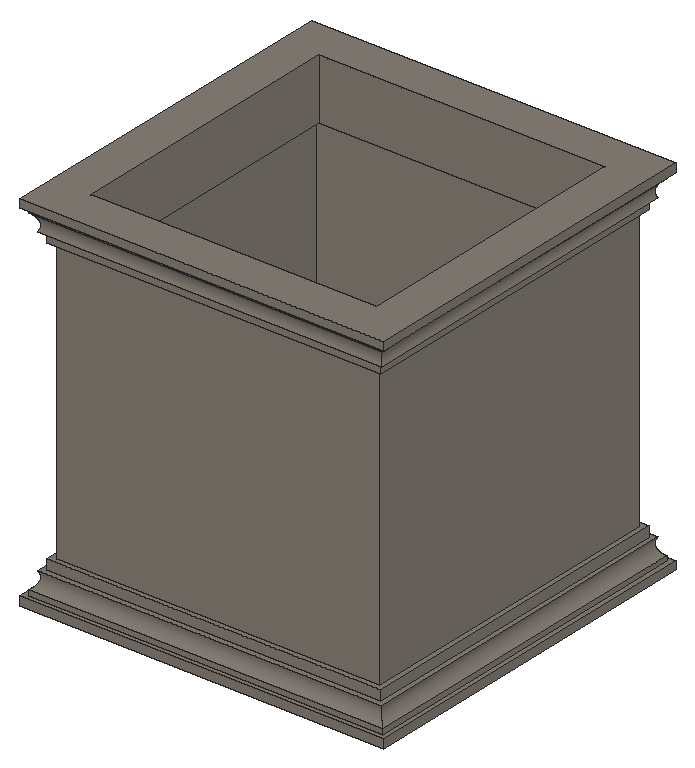
Revit family "Specialty_Equipment-Fiberglass_Planter-Planters_Unlimited-Laguna Rectangular square-rev", category Specialty Equipment, Revit 2023
Family settings
  Round Connector Dimension = Use Diameter
  Part Type = Normal
  OmniClass Number = 23.40.05.21.17
  OmniClass Title = Planters
  Work Plane-Based = No
  Enable Cutting in Views = No
  Always vertical = Yes
  Cut with Voids When Loaded = No
  Maintain Annotation Orientation = No
  Shared = No
  Room Calculation Point = No
Parameters (values of type "18"L x 18"W x 18"H")
  URL = "https://www.plantersunlimited.com"
  Type Comments = if(CD_Length = CD_Width, "Square Planter", "Rectangular Planter")  # "Square Planter"
  Model = "Laguna Series Planters"  # constant formula
  Manufacturer = "Planters Unlimited"  # constant formula
  Description = if(CD_Length = CD_Width, "Laguna Square Planter", "Laguna Rectangular Planter")  # "Laguna Square Planter"
  Default Elevation = 0.0"
  CD_Width = 18.0"
  CD_Specification = "https://www.plantersunlimited.com/content/Planters/C19-LYN-REC.pdf"
  CD_Radius Baseplate = 5.95"
  CD_Product Page URL = "https://www.plantersunlimited.com/lynx-rectangular-planters48/"
  CD_Product Name [instance] = "Laguna Planter"  # constant formula
  CD_Planter Lip = 0.925"
  CD_Pad Spacing = 4.95"
  CD_Pad Size = 3.0"  # constant formula
  CD_Microsite = "https://www.caddetails.com/3404"
  CD_Height = 18.0"
  CD_Length = 18.0"
  CD_Finish = Plastic-Fiberglass-Carlsbad-Gloss-Black_Fox
  CD_Divider Length = 0.2"  # constant formula
  CD_Divider = CD_Length > 50.0"  # no
  CD_Created By = "CADdetails LTD. 2024"  # constant formula
  Assembly Code = "G2050600"
Reference planes (in)
  plane 1 "Center (Front/Back)": y = 0
  plane 2 "Bottom of the planter": z = 0
  plane 3 "Center (Left/Right)": x = 0
  plane 4 "Right": x = 9
  plane 5 "Left": x = -9
  plane 6 "Back": y = 9
  plane 7 "Front": y = -9
  plane 8 "Top": z = 18
  plane 9 "Bottom": z = 0
  plane 10 "Design Work Top": z = 16
  plane 11 "Design work Bottom": z = 2
  plane 12 "Bottom of the divider": z = 0.7
  plane 13 "Divider Left": x = -0.1
  plane 14 "Divider Right": x = 0.1
  plane 15: z = 15
  plane 16 "Inner wall": y = 7.25
  plane 17 "Lip width": y = 7.05
  plane 18 "Lip Depth": z = 15
  plane 19 "Divider edge back": y = 7.25
  plane 20 "Divider edge back top": y = 7.05
  plane 21 "Divider edge front": y = -7.25
  plane 22 "Divider edge front top": y = -7.05
  plane 23 "Divider top depth": z = 15
  plane 24 "Base Plate": z = 0.7
  plane 25: z = 9
Forms (in)
  Sweep 1, solid, material "Plastic-Fiberglass-Carlsbad-Gloss-Black_Fox" <- "CD_Finish"
    path origin (0.025, -0.025, 0) x (-1, 0, 0) y (0, -1, 0)
      loop
        line (9, -9) -> (9, 8.95) -> (-8.95, 8.95) -> (-8.95, -9) -> (9, -9)
    profile origin (0, 8.975, 0) x (0, 1, 0) y (0, 0, 1)
      loop
        line (0.025, 18) -> (-1.925, 18) -> (-1.925, 15) -> (-1.825, 15) -> (-1.825, 17.9) -> (-0.075, 17.9) -> (-0.075, 17.68886) -> (-0.325, 17.68886) -> (-0.325, 17.39471)
        arc (-0.325, 17.39471) -> (-0.60079, 17.04495) -> (-0.62103, 16.6) r 0.7275
        line (-0.62103, 16.6) -> (-0.825, 16.6) -> (-0.825, 16.1) -> (-1.075, 16.1) -> (-1.075, 1.9) -> (-0.825, 1.9) -> (-0.825, 1.4) -> (-0.62103, 1.4)
        arc (-0.62103, 1.4) -> (-0.60079, 0.95505) -> (-0.325, 0.60529) r 0.7275
        line (-0.325, 0.60529) -> (-0.325, 0.31114) -> (-0.075, 0.31114) -> (-0.075, 0.1) -> (-1.925, 0.1) -> (-1.925, 0) -> (0.025, 0) -> (0.025, 0.41114) -> (-0.225, 0.41114) -> (-0.225, 0.66114)
        arc (-0.225, 0.66114) -> (-0.52042, 1.02978) -> (-0.475, 1.5) r 0.6275
        line (-0.475, 1.5) -> (-0.725, 1.5) -> (-0.725, 2) -> (-0.975, 2) -> (-0.975, 16) -> (-0.725, 16) -> (-0.725, 16.5) -> (-0.475, 16.5)
        arc (-0.475, 16.5) -> (-0.52042, 16.97022) -> (-0.225, 17.33886) r 0.6275
        line (-0.225, 17.33886) -> (-0.225, 17.58886) -> (0.025, 17.58886) -> (0.025, 18)
  Extrusion 2, solid, material "Plastic-Fiberglass-Carlsbad-Gloss-Black_Fox"
    sketch origin (0, 0, 0) x (-1, 0, 0) y (0, -1, 0)
      loop
        line (7, -7) -> (7, 7) -> (-7, 7) -> (-7, -7) -> (7, -7)
    from 0 to 0.7
  Extrusion 3, solid, material "Plastic-Fiberglass-Carlsbad-Gloss-Black_Fox", visible <- "CD_Divider"
    sketch origin (0, 0, 0) x (0, 1, 0) y (0, 0, 1)
      loop
        line (7.05, 18) -> (-7.05, 18) -> (-7.05, 15) -> (-7.25, 15) -> (-7.25, 0.7) -> (7.25, 0.7) -> (7.25, 15) -> (7.05, 15) -> (7.05, 18)
    from -0.1 to 0.1
Dimensions and locks (in)
  plane 7 "Front" to plane 6 "Back" = 18.0"
  plane 7 "Front" to plane 1 "Center (Front/Back)" to plane 6 "Back" = 9.0", 9.0"
  "CD_Length": plane 5 "Left" to plane 4 "Right"
  equal spacing: plane 5 "Left", plane 3 "Center (Left/Right)", plane 4 "Right"
  "CD_Width": plane 6 "Back" to plane 7 "Front"
  equal spacing: plane 6 "Back", plane 1 "Center (Front/Back)", plane 7 "Front"
  locked: plane 11 "Design work Bottom" to profile plane at 2
  locked: plane 8 "Top" to plane 10 "Design Work Top" at 2
  "CD_Height": plane 8 "Top" to level
  plane 8 "Top" to level = 18.0"
  plane 8 "Top" to Sweep 1 = 2.0"
  Sweep 1 to Sweep 1 = 2.0"
  "CD_Divider Length": plane 13 "Divider Left" to plane 14 "Divider Right"
  equal spacing: plane 13 "Divider Left", plane 3 "Center (Left/Right)", plane 14 "Divider Right"
  plane 5 "Left" to plane 3 "Center (Left/Right)" to plane 4 "Right" = 9.0", 9.0"
  locked: plane 8 "Top" to plane 15 at 3
  locked: plane 6 "Back" to plane 17 "Lip width" at 1.95
  locked: plane 6 "Back" to plane 16 "Inner wall" at 1.75
  plane 12 "Bottom of the divider" to level = 0.7"
  plane 8 "Top" to plane 15 = 3.0"
  locked: plane 8 "Top" to plane 18 "Lip Depth" at 3
  locked: plane 12 "Bottom of the divider" to level at 0.7
  locked: plane 6 "Back" to plane 19 "Divider edge back" at 1.75
  locked: plane 6 "Back" to plane 20 "Divider edge back top" at 1.95
  locked: plane 22 "Divider edge front top" to plane 7 "Front" at 1.95
  locked: plane 21 "Divider edge front" to plane 7 "Front" at 1.75
  locked: plane 24 "Base Plate" to level at 0.7
  plane 8 "Top" to plane 23 "Divider top depth" = 3.0"
  plane 8 "Top" to plane 25 = 9.0"
  locked: plane 5 "Left" to Extrusion 2 sketch curve at 2
  locked: Extrusion 2 sketch curve to plane 7 "Front" at 2
  locked: Extrusion 2 sketch curve to plane 4 "Right" at 2
  locked: plane 6 "Back" to Extrusion 2 sketch curve at 2
  aligned and locked: plane 2 "Bottom of the planter" to level
  aligned and locked: Extrusion 2 to plane 9 "Bottom"
  aligned and locked: Sweep 1 to plane 4 "Right"
  aligned and locked: Sweep 1 to plane 7 "Front"
  aligned and locked: plane 5 "Left" to Sweep 1
  aligned and locked: plane 6 "Back" to Sweep 1
  aligned and locked: plane 12 "Bottom of the divider" to Extrusion 2
  aligned and locked: Extrusion 3 to plane 12 "Bottom of the divider"
  aligned and locked: Extrusion 3 to plane 13 "Divider Left"
  aligned and locked: plane 14 "Divider Right" to Extrusion 3
  aligned and locked: plane 8 "Top" to Sweep 1 sketch curve
  aligned and locked: Extrusion 3 sketch curve to plane 8 "Top"
  aligned and locked: plane 6 "Back" to Sweep 1 sketch curve
  aligned and locked: plane 17 "Lip width" to Sweep 1 sketch curve  (x2)
  aligned and locked: plane 10 "Design Work Top" to Sweep 1 sketch curve  (x2)
  aligned and locked: Extrusion 2 to plane 12 "Bottom of the divider"
  aligned and locked: Extrusion 2 to level
  aligned and locked: Extrusion 3 sketch curve to plane 20 "Divider edge back top"
  aligned and locked: Extrusion 3 sketch curve to plane 19 "Divider edge back"
  aligned and locked: Extrusion 3 sketch curve to plane 12 "Bottom of the divider"
  aligned and locked: Extrusion 3 sketch curve to plane 21 "Divider edge front"
  aligned and locked: plane 15 to Extrusion 3 sketch curve
  aligned and locked: plane 23 "Divider top depth" to Extrusion 3 sketch curve
  aligned and locked: plane 15 to plane 23 "Divider top depth"
  aligned and locked: Sweep 1 sketch curve to level
  aligned and locked: plane 11 "Design work Bottom" to Sweep 1 sketch curve
  aligned and locked: plane 18 "Lip Depth" to Sweep 1 sketch curve
Automatic sketch dimensions
  plane 4 "Right" to Sweep 1 sketch curve = 0.025"
  Sweep 1 sketch curve to plane 5 "Left" = 0.025"
  Sweep 1 sketch curve to plane 6 "Back" = 0.025"
  plane 7 "Front" to Sweep 1 sketch curve = 0.025"
  Extrusion 3 sketch curve to plane 22 "Divider edge front top" = 0.0"
  Sweep 1 sketch curve to Sweep 1 sketch curve = 0.0"  (x4)
  plane 16 "Inner wall" to Sweep 1 sketch curve = 0.1"
  plane 10 "Design Work Top" to Sweep 1 sketch curve = 0.1"
  Sweep 1 sketch curve to plane 16 "Inner wall" = 0.65"
  Sweep 1 sketch curve to Sweep 1 sketch curve = 0.1"  (x9)
  Sweep 1 sketch curve to Sweep 1 sketch curve = 0.25"  (x3)
  Sweep 1 sketch curve to Sweep 1 sketch curve = 0.10397"  (x2)
  Sweep 1 sketch curve to Sweep 1 sketch curve = 0.14603"  (x2)
  profile plane to Sweep 1 sketch curve = 0.325"  (x2)
  profile plane to Sweep 1 sketch curve = 0.075"  (x2)
  Sweep 1 sketch curve to profile plane = 0.025"
  Sweep 1 sketch curve to profile plane = 0.08095"  (x2)
  plane 9 "Bottom" to Sweep 1 sketch curve = 0.1"
  Sweep 1 sketch curve to Sweep 1 sketch curve = 0.21114"
  Sweep 1 sketch curve to Sweep 1 sketch curve = 0.19415"
  Sweep 1 sketch curve to Sweep 1 sketch curve = 0.05585"
  Sweep 1 sketch curve to Sweep 1 sketch curve = 0.54786"
  Sweep 1 sketch curve to plane 11 "Design work Bottom" = 0.1"
  Sweep 1 sketch curve to Sweep 1 sketch curve = 0.4"
  Sweep 1 sketch curve to Sweep 1 sketch curve = 0.291"
Types (596): name | Type Comments | Description | CD_Width | CD_Specification | CD_Product Page URL | CD_Height | CD_Length | CD_Divider
  30"L x 12"W x 18"H | "Rectangular Planter" | "Laguna Rectangular Planter" | 12.0" | "https://www.plantersunlimited.com/content/Planters/C19-LYN-REC.pdf" | "https://www.plantersunlimited.com/lynx-rectangular-planters48/" | 18.0" | 30.0" | no
  30"L x 12"W x 24"H | "Rectangular Planter" | "Laguna Rectangular Planter" | 12.0" | "https://www.plantersunlimited.com/content/Planters/C19-LYN-REC.pdf" | "https://www.plantersunlimited.com/lynx-rectangular-planters48/" | 24.0" | 30.0" | no
  30"L x 12"W x 30"H | "Rectangular Planter" | "Laguna Rectangular Planter" | 12.0" | "https://www.plantersunlimited.com/content/Planters/C19-LYN-REC.pdf" | "https://www.plantersunlimited.com/lynx-rectangular-planters48/" | 30.0" | 30.0" | no
  30"L x 12"W x 36"H | "Rectangular Planter" | "Laguna Rectangular Planter" | 12.0" | "https://www.plantersunlimited.com/content/Planters/C19-LYN-REC.pdf" | "https://www.plantersunlimited.com/lynx-rectangular-planters48/" | 36.0" | 30.0" | no
  30"L x 15"W x 18"H | "Rectangular Planter" | "Laguna Rectangular Planter" | 15.0" | "https://www.plantersunlimited.com/content/Planters/C19-LYN-REC.pdf" | "https://www.plantersunlimited.com/lynx-rectangular-planters48/" | 18.0" | 30.0" | no
  30"L x 15"W x 24"H | "Rectangular Planter" | "Laguna Rectangular Planter" | 15.0" | "https://www.plantersunlimited.com/content/Planters/C19-LYN-REC.pdf" | "https://www.plantersunlimited.com/lynx-rectangular-planters48/" | 24.0" | 30.0" | no
  30"L x 15"W x 30"H | "Rectangular Planter" | "Laguna Rectangular Planter" | 15.0" | "https://www.plantersunlimited.com/content/Planters/C19-LYN-REC.pdf" | "https://www.plantersunlimited.com/lynx-rectangular-planters48/" | 30.0" | 30.0" | no
  30"L x 15"W x 36"H | "Rectangular Planter" | "Laguna Rectangular Planter" | 15.0" | "https://www.plantersunlimited.com/content/Planters/C19-LYN-REC.pdf" | "https://www.plantersunlimited.com/lynx-rectangular-planters48/" | 36.0" | 30.0" | no
  30"L x 15"W x 42"H | "Rectangular Planter" | "Laguna Rectangular Planter" | 15.0" | "https://www.plantersunlimited.com/content/Planters/C19-LYN-REC.pdf" | "https://www.plantersunlimited.com/lynx-rectangular-planters48/" | 42.0" | 30.0" | no
  30"L x 15"W x 48"H | "Rectangular Planter" | "Laguna Rectangular Planter" | 15.0" | "https://www.plantersunlimited.com/content/Planters/C19-LYN-REC.pdf" | "https://www.plantersunlimited.com/lynx-rectangular-planters48/" | 48.0" | 30.0" | no
  30"L x 18"W x 18"H | "Rectangular Planter" | "Laguna Rectangular Planter" | 18.0" | "https://www.plantersunlimited.com/content/Planters/C19-LYN-REC.pdf" | "https://www.plantersunlimited.com/lynx-rectangular-planters48/" | 18.0" | 30.0" | no
  30"L x 18"W x 24"H | "Rectangular Planter" | "Laguna Rectangular Planter" | 18.0" | "https://www.plantersunlimited.com/content/Planters/C19-LYN-REC.pdf" | "https://www.plantersunlimited.com/lynx-rectangular-planters48/" | 24.0" | 30.0" | no
  30"L x 18"W x 30"H | "Rectangular Planter" | "Laguna Rectangular Planter" | 18.0" | "https://www.plantersunlimited.com/content/Planters/C19-LYN-REC.pdf" | "https://www.plantersunlimited.com/lynx-rectangular-planters48/" | 30.0" | 30.0" | no
  30"L x 18"W x 36"H | "Rectangular Planter" | "Laguna Rectangular Planter" | 18.0" | "https://www.plantersunlimited.com/content/Planters/C19-LYN-REC.pdf" | "https://www.plantersunlimited.com/lynx-rectangular-planters48/" | 36.0" | 30.0" | no
  30"L x 18"W x 42"H | "Rectangular Planter" | "Laguna Rectangular Planter" | 18.0" | "https://www.plantersunlimited.com/content/Planters/C19-LYN-REC.pdf" | "https://www.plantersunlimited.com/lynx-rectangular-planters48/" | 42.0" | 30.0" | no
  30"L x 18"W x 48"H | "Rectangular Planter" | "Laguna Rectangular Planter" | 18.0" | "https://www.plantersunlimited.com/content/Planters/C19-LYN-REC.pdf" | "https://www.plantersunlimited.com/lynx-rectangular-planters48/" | 48.0" | 30.0" | no
  30"L x 24"W x 18"H | "Rectangular Planter" | "Laguna Rectangular Planter" | 24.0" | "https://www.plantersunlimited.com/content/Planters/C19-LYN-REC.pdf" | "https://www.plantersunlimited.com/lynx-rectangular-planters48/" | 18.0" | 30.0" | no
  30"L x 24"W x 24"H | "Rectangular Planter" | "Laguna Rectangular Planter" | 24.0" | "https://www.plantersunlimited.com/content/Planters/C19-LYN-REC.pdf" | "https://www.plantersunlimited.com/lynx-rectangular-planters48/" | 24.0" | 30.0" | no
  30"L x 24"W x 30"H | "Rectangular Planter" | "Laguna Rectangular Planter" | 24.0" | "https://www.plantersunlimited.com/content/Planters/C19-LYN-REC.pdf" | "https://www.plantersunlimited.com/lynx-rectangular-planters48/" | 30.0" | 30.0" | no
  30"L x 24"W x 36"H | "Rectangular Planter" | "Laguna Rectangular Planter" | 24.0" | "https://www.plantersunlimited.com/content/Planters/C19-LYN-REC.pdf" | "https://www.plantersunlimited.com/lynx-rectangular-planters48/" | 36.0" | 30.0" | no
  30"L x 24"W x 42"H | "Rectangular Planter" | "Laguna Rectangular Planter" | 24.0" | "https://www.plantersunlimited.com/content/Planters/C19-LYN-REC.pdf" | "https://www.plantersunlimited.com/lynx-rectangular-planters48/" | 42.0" | 30.0" | no
  30"L x 24"W x 48"H | "Rectangular Planter" | "Laguna Rectangular Planter" | 24.0" | "https://www.plantersunlimited.com/content/Planters/C19-LYN-REC.pdf" | "https://www.plantersunlimited.com/lynx-rectangular-planters48/" | 48.0" | 30.0" | no
  36"L x 12"W x 18"H | "Rectangular Planter" | "Laguna Rectangular Planter" | 12.0" | "https://www.plantersunlimited.com/content/Planters/C19-LYN-REC.pdf" | "https://www.plantersunlimited.com/lynx-rectangular-planters48/" | 18.0" | 36.0" | no
  36"L x 12"W x 24"H | "Rectangular Planter" | "Laguna Rectangular Planter" | 12.0" | "https://www.plantersunlimited.com/content/Planters/C19-LYN-REC.pdf" | "https://www.plantersunlimited.com/lynx-rectangular-planters48/" | 24.0" | 36.0" | no
  36"L x 12"W x 30"H | "Rectangular Planter" | "Laguna Rectangular Planter" | 12.0" | "https://www.plantersunlimited.com/content/Planters/C19-LYN-REC.pdf" | "https://www.plantersunlimited.com/lynx-rectangular-planters48/" | 30.0" | 36.0" | no
  36"L x 12"W x 36"H | "Rectangular Planter" | "Laguna Rectangular Planter" | 12.0" | "https://www.plantersunlimited.com/content/Planters/C19-LYN-REC.pdf" | "https://www.plantersunlimited.com/lynx-rectangular-planters48/" | 36.0" | 36.0" | no
  36"L x 15"W x 18"H | "Rectangular Planter" | "Laguna Rectangular Planter" | 15.0" | "https://www.plantersunlimited.com/content/Planters/C19-LYN-REC.pdf" | "https://www.plantersunlimited.com/lynx-rectangular-planters48/" | 18.0" | 36.0" | no
  36"L x 15"W x 24"H | "Rectangular Planter" | "Laguna Rectangular Planter" | 15.0" | "https://www.plantersunlimited.com/content/Planters/C19-LYN-REC.pdf" | "https://www.plantersunlimited.com/lynx-rectangular-planters48/" | 24.0" | 36.0" | no
  36"L x 15"W x 30"H | "Rectangular Planter" | "Laguna Rectangular Planter" | 15.0" | "https://www.plantersunlimited.com/content/Planters/C19-LYN-REC.pdf" | "https://www.plantersunlimited.com/lynx-rectangular-planters48/" | 30.0" | 36.0" | no
  36"L x 15"W x 36"H | "Rectangular Planter" | "Laguna Rectangular Planter" | 15.0" | "https://www.plantersunlimited.com/content/Planters/C19-LYN-REC.pdf" | "https://www.plantersunlimited.com/lynx-rectangular-planters48/" | 36.0" | 36.0" | no
  36"L x 15"W x 42"H | "Rectangular Planter" | "Laguna Rectangular Planter" | 15.0" | "https://www.plantersunlimited.com/content/Planters/C19-LYN-REC.pdf" | "https://www.plantersunlimited.com/lynx-rectangular-planters48/" | 42.0" | 36.0" | no
  36"L x 15"W x 48"H | "Rectangular Planter" | "Laguna Rectangular Planter" | 15.0" | "https://www.plantersunlimited.com/content/Planters/C19-LYN-REC.pdf" | "https://www.plantersunlimited.com/lynx-rectangular-planters48/" | 48.0" | 36.0" | no
  36"L x 18"W x 18"H | "Rectangular Planter" | "Laguna Rectangular Planter" | 18.0" | "https://www.plantersunlimited.com/content/Planters/C19-LYN-REC.pdf" | "https://www.plantersunlimited.com/lynx-rectangular-planters48/" | 18.0" | 36.0" | no
  36"L x 18"W x 24"H | "Rectangular Planter" | "Laguna Rectangular Planter" | 18.0" | "https://www.plantersunlimited.com/content/Planters/C19-LYN-REC.pdf" | "https://www.plantersunlimited.com/lynx-rectangular-planters48/" | 24.0" | 36.0" | no
  36"L x 18"W x 30"H | "Rectangular Planter" | "Laguna Rectangular Planter" | 18.0" | "https://www.plantersunlimited.com/content/Planters/C19-LYN-REC.pdf" | "https://www.plantersunlimited.com/lynx-rectangular-planters48/" | 30.0" | 36.0" | no
  36"L x 18"W x 36"H | "Rectangular Planter" | "Laguna Rectangular Planter" | 18.0" | "https://www.plantersunlimited.com/content/Planters/C19-LYN-REC.pdf" | "https://www.plantersunlimited.com/lynx-rectangular-planters48/" | 36.0" | 36.0" | no
  36"L x 18"W x 42"H | "Rectangular Planter" | "Laguna Rectangular Planter" | 18.0" | "https://www.plantersunlimited.com/content/Planters/C19-LYN-REC.pdf" | "https://www.plantersunlimited.com/lynx-rectangular-planters48/" | 42.0" | 36.0" | no
  36"L x 18"W x 48"H | "Rectangular Planter" | "Laguna Rectangular Planter" | 18.0" | "https://www.plantersunlimited.com/content/Planters/C19-LYN-REC.pdf" | "https://www.plantersunlimited.com/lynx-rectangular-planters48/" | 48.0" | 36.0" | no
  36"L x 24"W x 18"H | "Rectangular Planter" | "Laguna Rectangular Planter" | 24.0" | "https://www.plantersunlimited.com/content/Planters/C19-LYN-REC.pdf" | "https://www.plantersunlimited.com/lynx-rectangular-planters48/" | 18.0" | 36.0" | no
  36"L x 24"W x 24"H | "Rectangular Planter" | "Laguna Rectangular Planter" | 24.0" | "https://www.plantersunlimited.com/content/Planters/C19-LYN-REC.pdf" | "https://www.plantersunlimited.com/lynx-rectangular-planters48/" | 24.0" | 36.0" | no
  36"L x 24"W x 30"H | "Rectangular Planter" | "Laguna Rectangular Planter" | 24.0" | "https://www.plantersunlimited.com/content/Planters/C19-LYN-REC.pdf" | "https://www.plantersunlimited.com/lynx-rectangular-planters48/" | 30.0" | 36.0" | no
  36"L x 24"W x 36"H | "Rectangular Planter" | "Laguna Rectangular Planter" | 24.0" | "https://www.plantersunlimited.com/content/Planters/C19-LYN-REC.pdf" | "https://www.plantersunlimited.com/lynx-rectangular-planters48/" | 36.0" | 36.0" | no
  36"L x 24"W x 42"H | "Rectangular Planter" | "Laguna Rectangular Planter" | 24.0" | "https://www.plantersunlimited.com/content/Planters/C19-LYN-REC.pdf" | "https://www.plantersunlimited.com/lynx-rectangular-planters48/" | 42.0" | 36.0" | no
  36"L x 24"W x 48"H | "Rectangular Planter" | "Laguna Rectangular Planter" | 24.0" | "https://www.plantersunlimited.com/content/Planters/C19-LYN-REC.pdf" | "https://www.plantersunlimited.com/lynx-rectangular-planters48/" | 48.0" | 36.0" | no
  36"L x 30"W x 18"H | "Rectangular Planter" | "Laguna Rectangular Planter" | 30.0" | "https://www.plantersunlimited.com/content/Planters/C19-LYN-REC.pdf" | "https://www.plantersunlimited.com/lynx-rectangular-planters48/" | 18.0" | 36.0" | no
  36"L x 30"W x 24"H | "Rectangular Planter" | "Laguna Rectangular Planter" | 30.0" | "https://www.plantersunlimited.com/content/Planters/C19-LYN-REC.pdf" | "https://www.plantersunlimited.com/lynx-rectangular-planters48/" | 24.0" | 36.0" | no
  36"L x 30"W x 30"H | "Rectangular Planter" | "Laguna Rectangular Planter" | 30.0" | "https://www.plantersunlimited.com/content/Planters/C19-LYN-REC.pdf" | "https://www.plantersunlimited.com/lynx-rectangular-planters48/" | 30.0" | 36.0" | no
  36"L x 30"W x 36"H | "Rectangular Planter" | "Laguna Rectangular Planter" | 30.0" | "https://www.plantersunlimited.com/content/Planters/C19-LYN-REC.pdf" | "https://www.plantersunlimited.com/lynx-rectangular-planters48/" | 36.0" | 36.0" | no
  36"L x 30"W x 42"H | "Rectangular Planter" | "Laguna Rectangular Planter" | 30.0" | "https://www.plantersunlimited.com/content/Planters/C19-LYN-REC.pdf" | "https://www.plantersunlimited.com/lynx-rectangular-planters48/" | 42.0" | 36.0" | no
  36"L x 30"W x 48"H | "Rectangular Planter" | "Laguna Rectangular Planter" | 30.0" | "https://www.plantersunlimited.com/content/Planters/C19-LYN-REC.pdf" | "https://www.plantersunlimited.com/lynx-rectangular-planters48/" | 48.0" | 36.0" | no
  42"L x 12"W x 18"H | "Rectangular Planter" | "Laguna Rectangular Planter" | 12.0" | "https://www.plantersunlimited.com/content/Planters/C19-LYN-REC.pdf" | "https://www.plantersunlimited.com/lynx-rectangular-planters48/" | 18.0" | 42.0" | no
  42"L x 12"W x 24"H | "Rectangular Planter" | "Laguna Rectangular Planter" | 12.0" | "https://www.plantersunlimited.com/content/Planters/C19-LYN-REC.pdf" | "https://www.plantersunlimited.com/lynx-rectangular-planters48/" | 24.0" | 42.0" | no
  42"L x 12"W x 30"H | "Rectangular Planter" | "Laguna Rectangular Planter" | 12.0" | "https://www.plantersunlimited.com/content/Planters/C19-LYN-REC.pdf" | "https://www.plantersunlimited.com/lynx-rectangular-planters48/" | 30.0" | 42.0" | no
  42"L x 12"W x 36"H | "Rectangular Planter" | "Laguna Rectangular Planter" | 12.0" | "https://www.plantersunlimited.com/content/Planters/C19-LYN-REC.pdf" | "https://www.plantersunlimited.com/lynx-rectangular-planters48/" | 36.0" | 42.0" | no
  42"L x 15"W x 18"H | "Rectangular Planter" | "Laguna Rectangular Planter" | 15.0" | "https://www.plantersunlimited.com/content/Planters/C19-LYN-REC.pdf" | "https://www.plantersunlimited.com/lynx-rectangular-planters48/" | 18.0" | 42.0" | no
  42"L x 15"W x 24"H | "Rectangular Planter" | "Laguna Rectangular Planter" | 15.0" | "https://www.plantersunlimited.com/content/Planters/C19-LYN-REC.pdf" | "https://www.plantersunlimited.com/lynx-rectangular-planters48/" | 24.0" | 42.0" | no
  42"L x 15"W x 30"H | "Rectangular Planter" | "Laguna Rectangular Planter" | 15.0" | "https://www.plantersunlimited.com/content/Planters/C19-LYN-REC.pdf" | "https://www.plantersunlimited.com/lynx-rectangular-planters48/" | 30.0" | 42.0" | no
  42"L x 15"W x 36"H | "Rectangular Planter" | "Laguna Rectangular Planter" | 15.0" | "https://www.plantersunlimited.com/content/Planters/C19-LYN-REC.pdf" | "https://www.plantersunlimited.com/lynx-rectangular-planters48/" | 36.0" | 42.0" | no
  42"L x 15"W x 42"H | "Rectangular Planter" | "Laguna Rectangular Planter" | 15.0" | "https://www.plantersunlimited.com/content/Planters/C19-LYN-REC.pdf" | "https://www.plantersunlimited.com/lynx-rectangular-planters48/" | 42.0" | 42.0" | no
  42"L x 15"W x 48"H | "Rectangular Planter" | "Laguna Rectangular Planter" | 15.0" | "https://www.plantersunlimited.com/content/Planters/C19-LYN-REC.pdf" | "https://www.plantersunlimited.com/lynx-rectangular-planters48/" | 48.0" | 42.0" | no
  42"L x 18"W x 18"H | "Rectangular Planter" | "Laguna Rectangular Planter" | 18.0" | "https://www.plantersunlimited.com/content/Planters/C19-LYN-REC.pdf" | "https://www.plantersunlimited.com/lynx-rectangular-planters48/" | 18.0" | 42.0" | no
  42"L x 18"W x 24"H | "Rectangular Planter" | "Laguna Rectangular Planter" | 18.0" | "https://www.plantersunlimited.com/content/Planters/C19-LYN-REC.pdf" | "https://www.plantersunlimited.com/lynx-rectangular-planters48/" | 24.0" | 42.0" | no
  42"L x 18"W x 30"H | "Rectangular Planter" | "Laguna Rectangular Planter" | 18.0" | "https://www.plantersunlimited.com/content/Planters/C19-LYN-REC.pdf" | "https://www.plantersunlimited.com/lynx-rectangular-planters48/" | 30.0" | 42.0" | no
  42"L x 18"W x 36"H | "Rectangular Planter" | "Laguna Rectangular Planter" | 18.0" | "https://www.plantersunlimited.com/content/Planters/C19-LYN-REC.pdf" | "https://www.plantersunlimited.com/lynx-rectangular-planters48/" | 36.0" | 42.0" | no
  42"L x 18"W x 42"H | "Rectangular Planter" | "Laguna Rectangular Planter" | 18.0" | "https://www.plantersunlimited.com/content/Planters/C19-LYN-REC.pdf" | "https://www.plantersunlimited.com/lynx-rectangular-planters48/" | 42.0" | 42.0" | no
  42"L x 18"W x 48"H | "Rectangular Planter" | "Laguna Rectangular Planter" | 18.0" | "https://www.plantersunlimited.com/content/Planters/C19-LYN-REC.pdf" | "https://www.plantersunlimited.com/lynx-rectangular-planters48/" | 48.0" | 42.0" | no
  42"L x 24"W x 18"H | "Rectangular Planter" | "Laguna Rectangular Planter" | 24.0" | "https://www.plantersunlimited.com/content/Planters/C19-LYN-REC.pdf" | "https://www.plantersunlimited.com/lynx-rectangular-planters48/" | 18.0" | 42.0" | no
  42"L x 24"W x 24"H | "Rectangular Planter" | "Laguna Rectangular Planter" | 24.0" | "https://www.plantersunlimited.com/content/Planters/C19-LYN-REC.pdf" | "https://www.plantersunlimited.com/lynx-rectangular-planters48/" | 24.0" | 42.0" | no
  42"L x 24"W x 30"H | "Rectangular Planter" | "Laguna Rectangular Planter" | 24.0" | "https://www.plantersunlimited.com/content/Planters/C19-LYN-REC.pdf" | "https://www.plantersunlimited.com/lynx-rectangular-planters48/" | 30.0" | 42.0" | no
  42"L x 24"W x 36"H | "Rectangular Planter" | "Laguna Rectangular Planter" | 24.0" | "https://www.plantersunlimited.com/content/Planters/C19-LYN-REC.pdf" | "https://www.plantersunlimited.com/lynx-rectangular-planters48/" | 36.0" | 42.0" | no
  42"L x 24"W x 42"H | "Rectangular Planter" | "Laguna Rectangular Planter" | 24.0" | "https://www.plantersunlimited.com/content/Planters/C19-LYN-REC.pdf" | "https://www.plantersunlimited.com/lynx-rectangular-planters48/" | 42.0" | 42.0" | no
  42"L x 24"W x 48"H | "Rectangular Planter" | "Laguna Rectangular Planter" | 24.0" | "https://www.plantersunlimited.com/content/Planters/C19-LYN-REC.pdf" | "https://www.plantersunlimited.com/lynx-rectangular-planters48/" | 48.0" | 42.0" | no
  42"L x 30"W x 18"H | "Rectangular Planter" | "Laguna Rectangular Planter" | 30.0" | "https://www.plantersunlimited.com/content/Planters/C19-LYN-REC.pdf" | "https://www.plantersunlimited.com/lynx-rectangular-planters48/" | 18.0" | 42.0" | no
  42"L x 30"W x 24"H | "Rectangular Planter" | "Laguna Rectangular Planter" | 30.0" | "https://www.plantersunlimited.com/content/Planters/C19-LYN-REC.pdf" | "https://www.plantersunlimited.com/lynx-rectangular-planters48/" | 24.0" | 42.0" | no
  42"L x 30"W x 30"H | "Rectangular Planter" | "Laguna Rectangular Planter" | 30.0" | "https://www.plantersunlimited.com/content/Planters/C19-LYN-REC.pdf" | "https://www.plantersunlimited.com/lynx-rectangular-planters48/" | 30.0" | 42.0" | no
  42"L x 30"W x 36"H | "Rectangular Planter" | "Laguna Rectangular Planter" | 30.0" | "https://www.plantersunlimited.com/content/Planters/C19-LYN-REC.pdf" | "https://www.plantersunlimited.com/lynx-rectangular-planters48/" | 36.0" | 42.0" | no
  42"L x 30"W x 42"H | "Rectangular Planter" | "Laguna Rectangular Planter" | 30.0" | "https://www.plantersunlimited.com/content/Planters/C19-LYN-REC.pdf" | "https://www.plantersunlimited.com/lynx-rectangular-planters48/" | 42.0" | 42.0" | no
  42"L x 30"W x 48"H | "Rectangular Planter" | "Laguna Rectangular Planter" | 30.0" | "https://www.plantersunlimited.com/content/Planters/C19-LYN-REC.pdf" | "https://www.plantersunlimited.com/lynx-rectangular-planters48/" | 48.0" | 42.0" | no
  42"L x 36"W x 18"H | "Rectangular Planter" | "Laguna Rectangular Planter" | 36.0" | "https://www.plantersunlimited.com/content/Planters/C19-LYN-REC.pdf" | "https://www.plantersunlimited.com/lynx-rectangular-planters48/" | 18.0" | 42.0" | no
  42"L x 36"W x 24"H | "Rectangular Planter" | "Laguna Rectangular Planter" | 36.0" | "https://www.plantersunlimited.com/content/Planters/C19-LYN-REC.pdf" | "https://www.plantersunlimited.com/lynx-rectangular-planters48/" | 24.0" | 42.0" | no
  42"L x 36"W x 30"H | "Rectangular Planter" | "Laguna Rectangular Planter" | 36.0" | "https://www.plantersunlimited.com/content/Planters/C19-LYN-REC.pdf" | "https://www.plantersunlimited.com/lynx-rectangular-planters48/" | 30.0" | 42.0" | no
  42"L x 36"W x 36"H | "Rectangular Planter" | "Laguna Rectangular Planter" | 36.0" | "https://www.plantersunlimited.com/content/Planters/C19-LYN-REC.pdf" | "https://www.plantersunlimited.com/lynx-rectangular-planters48/" | 36.0" | 42.0" | no
  42"L x 36"W x 42"H | "Rectangular Planter" | "Laguna Rectangular Planter" | 36.0" | "https://www.plantersunlimited.com/content/Planters/C19-LYN-REC.pdf" | "https://www.plantersunlimited.com/lynx-rectangular-planters48/" | 42.0" | 42.0" | no
  42"L x 36"W x 48"H | "Rectangular Planter" | "Laguna Rectangular Planter" | 36.0" | "https://www.plantersunlimited.com/content/Planters/C19-LYN-REC.pdf" | "https://www.plantersunlimited.com/lynx-rectangular-planters48/" | 48.0" | 42.0" | no
  48"L x 12"W x 18"H | "Rectangular Planter" | "Laguna Rectangular Planter" | 12.0" | "https://www.plantersunlimited.com/content/Planters/C19-LYN-REC.pdf" | "https://www.plantersunlimited.com/lynx-rectangular-planters48/" | 18.0" | 48.0" | no
  48"L x 12"W x 24"H | "Rectangular Planter" | "Laguna Rectangular Planter" | 12.0" | "https://www.plantersunlimited.com/content/Planters/C19-LYN-REC.pdf" | "https://www.plantersunlimited.com/lynx-rectangular-planters48/" | 24.0" | 48.0" | no
  48"L x 12"W x 30"H | "Rectangular Planter" | "Laguna Rectangular Planter" | 12.0" | "https://www.plantersunlimited.com/content/Planters/C19-LYN-REC.pdf" | "https://www.plantersunlimited.com/lynx-rectangular-planters48/" | 30.0" | 48.0" | no
  48"L x 12"W x 36"H | "Rectangular Planter" | "Laguna Rectangular Planter" | 12.0" | "https://www.plantersunlimited.com/content/Planters/C19-LYN-REC.pdf" | "https://www.plantersunlimited.com/lynx-rectangular-planters48/" | 36.0" | 48.0" | no
  48"L x 15"W x 18"H | "Rectangular Planter" | "Laguna Rectangular Planter" | 15.0" | "https://www.plantersunlimited.com/content/Planters/C19-LYN-REC.pdf" | "https://www.plantersunlimited.com/lynx-rectangular-planters48/" | 18.0" | 48.0" | no
  48"L x 15"W x 24"H | "Rectangular Planter" | "Laguna Rectangular Planter" | 15.0" | "https://www.plantersunlimited.com/content/Planters/C19-LYN-REC.pdf" | "https://www.plantersunlimited.com/lynx-rectangular-planters48/" | 24.0" | 48.0" | no
  48"L x 15"W x 30"H | "Rectangular Planter" | "Laguna Rectangular Planter" | 15.0" | "https://www.plantersunlimited.com/content/Planters/C19-LYN-REC.pdf" | "https://www.plantersunlimited.com/lynx-rectangular-planters48/" | 30.0" | 48.0" | no
  48"L x 15"W x 36"H | "Rectangular Planter" | "Laguna Rectangular Planter" | 15.0" | "https://www.plantersunlimited.com/content/Planters/C19-LYN-REC.pdf" | "https://www.plantersunlimited.com/lynx-rectangular-planters48/" | 36.0" | 48.0" | no
  48"L x 15"W x 42"H | "Rectangular Planter" | "Laguna Rectangular Planter" | 15.0" | "https://www.plantersunlimited.com/content/Planters/C19-LYN-REC.pdf" | "https://www.plantersunlimited.com/lynx-rectangular-planters48/" | 42.0" | 48.0" | no
  48"L x 15"W x 48"H | "Rectangular Planter" | "Laguna Rectangular Planter" | 15.0" | "https://www.plantersunlimited.com/content/Planters/C19-LYN-REC.pdf" | "https://www.plantersunlimited.com/lynx-rectangular-planters48/" | 48.0" | 48.0" | no
  48"L x 18"W x 18"H | "Rectangular Planter" | "Laguna Rectangular Planter" | 18.0" | "https://www.plantersunlimited.com/content/Planters/C19-LYN-REC.pdf" | "https://www.plantersunlimited.com/lynx-rectangular-planters48/" | 18.0" | 48.0" | no
  48"L x 18"W x 24"H | "Rectangular Planter" | "Laguna Rectangular Planter" | 18.0" | "https://www.plantersunlimited.com/content/Planters/C19-LYN-REC.pdf" | "https://www.plantersunlimited.com/lynx-rectangular-planters48/" | 24.0" | 48.0" | no
  48"L x 18"W x 30"H | "Rectangular Planter" | "Laguna Rectangular Planter" | 18.0" | "https://www.plantersunlimited.com/content/Planters/C19-LYN-REC.pdf" | "https://www.plantersunlimited.com/lynx-rectangular-planters48/" | 30.0" | 48.0" | no
  48"L x 18"W x 36"H | "Rectangular Planter" | "Laguna Rectangular Planter" | 18.0" | "https://www.plantersunlimited.com/content/Planters/C19-LYN-REC.pdf" | "https://www.plantersunlimited.com/lynx-rectangular-planters48/" | 36.0" | 48.0" | no
  48"L x 18"W x 42"H | "Rectangular Planter" | "Laguna Rectangular Planter" | 18.0" | "https://www.plantersunlimited.com/content/Planters/C19-LYN-REC.pdf" | "https://www.plantersunlimited.com/lynx-rectangular-planters48/" | 42.0" | 48.0" | no
  48"L x 18"W x 48"H | "Rectangular Planter" | "Laguna Rectangular Planter" | 18.0" | "https://www.plantersunlimited.com/content/Planters/C19-LYN-REC.pdf" | "https://www.plantersunlimited.com/lynx-rectangular-planters48/" | 48.0" | 48.0" | no
  48"L x 24"W x 18"H | "Rectangular Planter" | "Laguna Rectangular Planter" | 24.0" | "https://www.plantersunlimited.com/content/Planters/C19-LYN-REC.pdf" | "https://www.plantersunlimited.com/lynx-rectangular-planters48/" | 18.0" | 48.0" | no
  48"L x 24"W x 24"H | "Rectangular Planter" | "Laguna Rectangular Planter" | 24.0" | "https://www.plantersunlimited.com/content/Planters/C19-LYN-REC.pdf" | "https://www.plantersunlimited.com/lynx-rectangular-planters48/" | 24.0" | 48.0" | no
  48"L x 24"W x 30"H | "Rectangular Planter" | "Laguna Rectangular Planter" | 24.0" | "https://www.plantersunlimited.com/content/Planters/C19-LYN-REC.pdf" | "https://www.plantersunlimited.com/lynx-rectangular-planters48/" | 30.0" | 48.0" | no
  48"L x 24"W x 36"H | "Rectangular Planter" | "Laguna Rectangular Planter" | 24.0" | "https://www.plantersunlimited.com/content/Planters/C19-LYN-REC.pdf" | "https://www.plantersunlimited.com/lynx-rectangular-planters48/" | 36.0" | 48.0" | no
  48"L x 24"W x 42"H | "Rectangular Planter" | "Laguna Rectangular Planter" | 24.0" | "https://www.plantersunlimited.com/content/Planters/C19-LYN-REC.pdf" | "https://www.plantersunlimited.com/lynx-rectangular-planters48/" | 42.0" | 48.0" | no
  48"L x 24"W x 48"H | "Rectangular Planter" | "Laguna Rectangular Planter" | 24.0" | "https://www.plantersunlimited.com/content/Planters/C19-LYN-REC.pdf" | "https://www.plantersunlimited.com/lynx-rectangular-planters48/" | 48.0" | 48.0" | no
  48"L x 30"W x 18"H | "Rectangular Planter" | "Laguna Rectangular Planter" | 30.0" | "https://www.plantersunlimited.com/content/Planters/C19-LYN-REC.pdf" | "https://www.plantersunlimited.com/lynx-rectangular-planters48/" | 18.0" | 48.0" | no
  48"L x 30"W x 24"H | "Rectangular Planter" | "Laguna Rectangular Planter" | 30.0" | "https://www.plantersunlimited.com/content/Planters/C19-LYN-REC.pdf" | "https://www.plantersunlimited.com/lynx-rectangular-planters48/" | 24.0" | 48.0" | no
  48"L x 30"W x 30"H | "Rectangular Planter" | "Laguna Rectangular Planter" | 30.0" | "https://www.plantersunlimited.com/content/Planters/C19-LYN-REC.pdf" | "https://www.plantersunlimited.com/lynx-rectangular-planters48/" | 30.0" | 48.0" | no
  48"L x 30"W x 36"H | "Rectangular Planter" | "Laguna Rectangular Planter" | 30.0" | "https://www.plantersunlimited.com/content/Planters/C19-LYN-REC.pdf" | "https://www.plantersunlimited.com/lynx-rectangular-planters48/" | 36.0" | 48.0" | no
  48"L x 30"W x 42"H | "Rectangular Planter" | "Laguna Rectangular Planter" | 30.0" | "https://www.plantersunlimited.com/content/Planters/C19-LYN-REC.pdf" | "https://www.plantersunlimited.com/lynx-rectangular-planters48/" | 42.0" | 48.0" | no
  48"L x 30"W x 48"H | "Rectangular Planter" | "Laguna Rectangular Planter" | 30.0" | "https://www.plantersunlimited.com/content/Planters/C19-LYN-REC.pdf" | "https://www.plantersunlimited.com/lynx-rectangular-planters48/" | 48.0" | 48.0" | no
  48"L x 36"W x 18"H | "Rectangular Planter" | "Laguna Rectangular Planter" | 36.0" | "https://www.plantersunlimited.com/content/Planters/C19-LYN-REC.pdf" | "https://www.plantersunlimited.com/lynx-rectangular-planters48/" | 18.0" | 48.0" | no
  48"L x 36"W x 24"H | "Rectangular Planter" | "Laguna Rectangular Planter" | 36.0" | "https://www.plantersunlimited.com/content/Planters/C19-LYN-REC.pdf" | "https://www.plantersunlimited.com/lynx-rectangular-planters48/" | 24.0" | 48.0" | no
  48"L x 36"W x 30"H | "Rectangular Planter" | "Laguna Rectangular Planter" | 36.0" | "https://www.plantersunlimited.com/content/Planters/C19-LYN-REC.pdf" | "https://www.plantersunlimited.com/lynx-rectangular-planters48/" | 30.0" | 48.0" | no
  48"L x 36"W x 36"H | "Rectangular Planter" | "Laguna Rectangular Planter" | 36.0" | "https://www.plantersunlimited.com/content/Planters/C19-LYN-REC.pdf" | "https://www.plantersunlimited.com/lynx-rectangular-planters48/" | 36.0" | 48.0" | no
  48"L x 36"W x 42"H | "Rectangular Planter" | "Laguna Rectangular Planter" | 36.0" | "https://www.plantersunlimited.com/content/Planters/C19-LYN-REC.pdf" | "https://www.plantersunlimited.com/lynx-rectangular-planters48/" | 42.0" | 48.0" | no
  48"L x 36"W x 48"H | "Rectangular Planter" | "Laguna Rectangular Planter" | 36.0" | "https://www.plantersunlimited.com/content/Planters/C19-LYN-REC.pdf" | "https://www.plantersunlimited.com/lynx-rectangular-planters48/" | 48.0" | 48.0" | no
  48"L x 42"W x 18"H | "Rectangular Planter" | "Laguna Rectangular Planter" | 42.0" | "https://www.plantersunlimited.com/content/Planters/C19-LYN-REC.pdf" | "https://www.plantersunlimited.com/lynx-rectangular-planters48/" | 18.0" | 48.0" | no
  48"L x 42"W x 24"H | "Rectangular Planter" | "Laguna Rectangular Planter" | 42.0" | "https://www.plantersunlimited.com/content/Planters/C19-LYN-REC.pdf" | "https://www.plantersunlimited.com/lynx-rectangular-planters48/" | 24.0" | 48.0" | no
  48"L x 42"W x 30"H | "Rectangular Planter" | "Laguna Rectangular Planter" | 42.0" | "https://www.plantersunlimited.com/content/Planters/C19-LYN-REC.pdf" | "https://www.plantersunlimited.com/lynx-rectangular-planters48/" | 30.0" | 48.0" | no
  48"L x 42"W x 36"H | "Rectangular Planter" | "Laguna Rectangular Planter" | 42.0" | "https://www.plantersunlimited.com/content/Planters/C19-LYN-REC.pdf" | "https://www.plantersunlimited.com/lynx-rectangular-planters48/" | 36.0" | 48.0" | no
  48"L x 42"W x 42"H | "Rectangular Planter" | "Laguna Rectangular Planter" | 42.0" | "https://www.plantersunlimited.com/content/Planters/C19-LYN-REC.pdf" | "https://www.plantersunlimited.com/lynx-rectangular-planters48/" | 42.0" | 48.0" | no
  48"L x 42"W x 48"H | "Rectangular Planter" | "Laguna Rectangular Planter" | 42.0" | "https://www.plantersunlimited.com/content/Planters/C19-LYN-REC.pdf" | "https://www.plantersunlimited.com/lynx-rectangular-planters48/" | 48.0" | 48.0" | no
  54"L x 12"W x 18"H | "Rectangular Planter" | "Laguna Rectangular Planter" | 12.0" | "https://www.plantersunlimited.com/content/Planters/C19-LYN-REC.pdf" | "https://www.plantersunlimited.com/lynx-rectangular-planters48/" | 18.0" | 54.0" | yes
  54"L x 12"W x 24"H | "Rectangular Planter" | "Laguna Rectangular Planter" | 12.0" | "https://www.plantersunlimited.com/content/Planters/C19-LYN-REC.pdf" | "https://www.plantersunlimited.com/lynx-rectangular-planters48/" | 24.0" | 54.0" | yes
  54"L x 12"W x 30"H | "Rectangular Planter" | "Laguna Rectangular Planter" | 12.0" | "https://www.plantersunlimited.com/content/Planters/C19-LYN-REC.pdf" | "https://www.plantersunlimited.com/lynx-rectangular-planters48/" | 30.0" | 54.0" | yes
  54"L x 12"W x 36"H | "Rectangular Planter" | "Laguna Rectangular Planter" | 12.0" | "https://www.plantersunlimited.com/content/Planters/C19-LYN-REC.pdf" | "https://www.plantersunlimited.com/lynx-rectangular-planters48/" | 36.0" | 54.0" | yes
  54"L x 15"W x 18"H | "Rectangular Planter" | "Laguna Rectangular Planter" | 15.0" | "https://www.plantersunlimited.com/content/Planters/C19-LYN-REC.pdf" | "https://www.plantersunlimited.com/lynx-rectangular-planters48/" | 18.0" | 54.0" | yes
  54"L x 15"W x 24"H | "Rectangular Planter" | "Laguna Rectangular Planter" | 15.0" | "https://www.plantersunlimited.com/content/Planters/C19-LYN-REC.pdf" | "https://www.plantersunlimited.com/lynx-rectangular-planters48/" | 24.0" | 54.0" | yes
  54"L x 15"W x 30"H | "Rectangular Planter" | "Laguna Rectangular Planter" | 15.0" | "https://www.plantersunlimited.com/content/Planters/C19-LYN-REC.pdf" | "https://www.plantersunlimited.com/lynx-rectangular-planters48/" | 30.0" | 54.0" | yes
  54"L x 15"W x 36"H | "Rectangular Planter" | "Laguna Rectangular Planter" | 15.0" | "https://www.plantersunlimited.com/content/Planters/C19-LYN-REC.pdf" | "https://www.plantersunlimited.com/lynx-rectangular-planters48/" | 36.0" | 54.0" | yes
  54"L x 15"W x 42"H | "Rectangular Planter" | "Laguna Rectangular Planter" | 15.0" | "https://www.plantersunlimited.com/content/Planters/C19-LYN-REC.pdf" | "https://www.plantersunlimited.com/lynx-rectangular-planters48/" | 42.0" | 54.0" | yes
  54"L x 15"W x 48"H | "Rectangular Planter" | "Laguna Rectangular Planter" | 15.0" | "https://www.plantersunlimited.com/content/Planters/C19-LYN-REC.pdf" | "https://www.plantersunlimited.com/lynx-rectangular-planters48/" | 48.0" | 54.0" | yes
  54"L x 18"W x 18"H | "Rectangular Planter" | "Laguna Rectangular Planter" | 18.0" | "https://www.plantersunlimited.com/content/Planters/C19-LYN-REC.pdf" | "https://www.plantersunlimited.com/lynx-rectangular-planters48/" | 18.0" | 54.0" | yes
  54"L x 18"W x 24"H | "Rectangular Planter" | "Laguna Rectangular Planter" | 18.0" | "https://www.plantersunlimited.com/content/Planters/C19-LYN-REC.pdf" | "https://www.plantersunlimited.com/lynx-rectangular-planters48/" | 24.0" | 54.0" | yes
  54"L x 18"W x 30"H | "Rectangular Planter" | "Laguna Rectangular Planter" | 18.0" | "https://www.plantersunlimited.com/content/Planters/C19-LYN-REC.pdf" | "https://www.plantersunlimited.com/lynx-rectangular-planters48/" | 30.0" | 54.0" | yes
  54"L x 18"W x 36"H | "Rectangular Planter" | "Laguna Rectangular Planter" | 18.0" | "https://www.plantersunlimited.com/content/Planters/C19-LYN-REC.pdf" | "https://www.plantersunlimited.com/lynx-rectangular-planters48/" | 36.0" | 54.0" | yes
  54"L x 18"W x 42"H | "Rectangular Planter" | "Laguna Rectangular Planter" | 18.0" | "https://www.plantersunlimited.com/content/Planters/C19-LYN-REC.pdf" | "https://www.plantersunlimited.com/lynx-rectangular-planters48/" | 42.0" | 54.0" | yes
  54"L x 18"W x 48"H | "Rectangular Planter" | "Laguna Rectangular Planter" | 18.0" | "https://www.plantersunlimited.com/content/Planters/C19-LYN-REC.pdf" | "https://www.plantersunlimited.com/lynx-rectangular-planters48/" | 48.0" | 54.0" | yes
  54"L x 24"W x 18"H | "Rectangular Planter" | "Laguna Rectangular Planter" | 24.0" | "https://www.plantersunlimited.com/content/Planters/C19-LYN-REC.pdf" | "https://www.plantersunlimited.com/lynx-rectangular-planters48/" | 18.0" | 54.0" | yes
  54"L x 24"W x 24"H | "Rectangular Planter" | "Laguna Rectangular Planter" | 24.0" | "https://www.plantersunlimited.com/content/Planters/C19-LYN-REC.pdf" | "https://www.plantersunlimited.com/lynx-rectangular-planters48/" | 24.0" | 54.0" | yes
  54"L x 24"W x 30"H | "Rectangular Planter" | "Laguna Rectangular Planter" | 24.0" | "https://www.plantersunlimited.com/content/Planters/C19-LYN-REC.pdf" | "https://www.plantersunlimited.com/lynx-rectangular-planters48/" | 30.0" | 54.0" | yes
  54"L x 24"W x 36"H | "Rectangular Planter" | "Laguna Rectangular Planter" | 24.0" | "https://www.plantersunlimited.com/content/Planters/C19-LYN-REC.pdf" | "https://www.plantersunlimited.com/lynx-rectangular-planters48/" | 36.0" | 54.0" | yes
  54"L x 24"W x 42"H | "Rectangular Planter" | "Laguna Rectangular Planter" | 24.0" | "https://www.plantersunlimited.com/content/Planters/C19-LYN-REC.pdf" | "https://www.plantersunlimited.com/lynx-rectangular-planters48/" | 42.0" | 54.0" | yes
  54"L x 24"W x 48"H | "Rectangular Planter" | "Laguna Rectangular Planter" | 24.0" | "https://www.plantersunlimited.com/content/Planters/C19-LYN-REC.pdf" | "https://www.plantersunlimited.com/lynx-rectangular-planters48/" | 48.0" | 54.0" | yes
  54"L x 30"W x 18"H | "Rectangular Planter" | "Laguna Rectangular Planter" | 30.0" | "https://www.plantersunlimited.com/content/Planters/C19-LYN-REC.pdf" | "https://www.plantersunlimited.com/lynx-rectangular-planters48/" | 18.0" | 54.0" | yes
  54"L x 30"W x 24"H | "Rectangular Planter" | "Laguna Rectangular Planter" | 30.0" | "https://www.plantersunlimited.com/content/Planters/C19-LYN-REC.pdf" | "https://www.plantersunlimited.com/lynx-rectangular-planters48/" | 24.0" | 54.0" | yes
  54"L x 30"W x 30"H | "Rectangular Planter" | "Laguna Rectangular Planter" | 30.0" | "https://www.plantersunlimited.com/content/Planters/C19-LYN-REC.pdf" | "https://www.plantersunlimited.com/lynx-rectangular-planters48/" | 30.0" | 54.0" | yes
  54"L x 30"W x 36"H | "Rectangular Planter" | "Laguna Rectangular Planter" | 30.0" | "https://www.plantersunlimited.com/content/Planters/C19-LYN-REC.pdf" | "https://www.plantersunlimited.com/lynx-rectangular-planters48/" | 36.0" | 54.0" | yes
  54"L x 30"W x 42"H | "Rectangular Planter" | "Laguna Rectangular Planter" | 30.0" | "https://www.plantersunlimited.com/content/Planters/C19-LYN-REC.pdf" | "https://www.plantersunlimited.com/lynx-rectangular-planters48/" | 42.0" | 54.0" | yes
  54"L x 30"W x 48"H | "Rectangular Planter" | "Laguna Rectangular Planter" | 30.0" | "https://www.plantersunlimited.com/content/Planters/C19-LYN-REC.pdf" | "https://www.plantersunlimited.com/lynx-rectangular-planters48/" | 48.0" | 54.0" | yes
  54"L x 36"W x 18"H | "Rectangular Planter" | "Laguna Rectangular Planter" | 36.0" | "https://www.plantersunlimited.com/content/Planters/C19-LYN-REC.pdf" | "https://www.plantersunlimited.com/lynx-rectangular-planters48/" | 18.0" | 54.0" | yes
  54"L x 36"W x 24"H | "Rectangular Planter" | "Laguna Rectangular Planter" | 36.0" | "https://www.plantersunlimited.com/content/Planters/C19-LYN-REC.pdf" | "https://www.plantersunlimited.com/lynx-rectangular-planters48/" | 24.0" | 54.0" | yes
  54"L x 36"W x 30"H | "Rectangular Planter" | "Laguna Rectangular Planter" | 36.0" | "https://www.plantersunlimited.com/content/Planters/C19-LYN-REC.pdf" | "https://www.plantersunlimited.com/lynx-rectangular-planters48/" | 30.0" | 54.0" | yes
  54"L x 36"W x 36"H | "Rectangular Planter" | "Laguna Rectangular Planter" | 36.0" | "https://www.plantersunlimited.com/content/Planters/C19-LYN-REC.pdf" | "https://www.plantersunlimited.com/lynx-rectangular-planters48/" | 36.0" | 54.0" | yes
  54"L x 36"W x 42"H | "Rectangular Planter" | "Laguna Rectangular Planter" | 36.0" | "https://www.plantersunlimited.com/content/Planters/C19-LYN-REC.pdf" | "https://www.plantersunlimited.com/lynx-rectangular-planters48/" | 42.0" | 54.0" | yes
  54"L x 36"W x 48"H | "Rectangular Planter" | "Laguna Rectangular Planter" | 36.0" | "https://www.plantersunlimited.com/content/Planters/C19-LYN-REC.pdf" | "https://www.plantersunlimited.com/lynx-rectangular-planters48/" | 48.0" | 54.0" | yes
  54"L x 42"W x 18"H | "Rectangular Planter" | "Laguna Rectangular Planter" | 42.0" | "https://www.plantersunlimited.com/content/Planters/C19-LYN-REC.pdf" | "https://www.plantersunlimited.com/lynx-rectangular-planters48/" | 18.0" | 54.0" | yes
  54"L x 42"W x 24"H | "Rectangular Planter" | "Laguna Rectangular Planter" | 42.0" | "https://www.plantersunlimited.com/content/Planters/C19-LYN-REC.pdf" | "https://www.plantersunlimited.com/lynx-rectangular-planters48/" | 24.0" | 54.0" | yes
  54"L x 42"W x 30"H | "Rectangular Planter" | "Laguna Rectangular Planter" | 42.0" | "https://www.plantersunlimited.com/content/Planters/C19-LYN-REC.pdf" | "https://www.plantersunlimited.com/lynx-rectangular-planters48/" | 30.0" | 54.0" | yes
  54"L x 42"W x 36"H | "Rectangular Planter" | "Laguna Rectangular Planter" | 42.0" | "https://www.plantersunlimited.com/content/Planters/C19-LYN-REC.pdf" | "https://www.plantersunlimited.com/lynx-rectangular-planters48/" | 36.0" | 54.0" | yes
  54"L x 42"W x 42"H | "Rectangular Planter" | "Laguna Rectangular Planter" | 42.0" | "https://www.plantersunlimited.com/content/Planters/C19-LYN-REC.pdf" | "https://www.plantersunlimited.com/lynx-rectangular-planters48/" | 42.0" | 54.0" | yes
  54"L x 42"W x 48"H | "Rectangular Planter" | "Laguna Rectangular Planter" | 42.0" | "https://www.plantersunlimited.com/content/Planters/C19-LYN-REC.pdf" | "https://www.plantersunlimited.com/lynx-rectangular-planters48/" | 48.0" | 54.0" | yes
  60"L x 12"W x 18"H | "Rectangular Planter" | "Laguna Rectangular Planter" | 12.0" | "https://www.plantersunlimited.com/content/Planters/C19-LYN-REC.pdf" | "https://www.plantersunlimited.com/lynx-rectangular-planters48/" | 18.0" | 60.0" | yes
  60"L x 12"W x 24"H | "Rectangular Planter" | "Laguna Rectangular Planter" | 12.0" | "https://www.plantersunlimited.com/content/Planters/C19-LYN-REC.pdf" | "https://www.plantersunlimited.com/lynx-rectangular-planters48/" | 24.0" | 60.0" | yes
  60"L x 12"W x 30"H | "Rectangular Planter" | "Laguna Rectangular Planter" | 12.0" | "https://www.plantersunlimited.com/content/Planters/C19-LYN-REC.pdf" | "https://www.plantersunlimited.com/lynx-rectangular-planters48/" | 30.0" | 60.0" | yes
  60"L x 12"W x 36"H | "Rectangular Planter" | "Laguna Rectangular Planter" | 12.0" | "https://www.plantersunlimited.com/content/Planters/C19-LYN-REC.pdf" | "https://www.plantersunlimited.com/lynx-rectangular-planters48/" | 36.0" | 60.0" | yes
  60"L x 15"W x 18"H | "Rectangular Planter" | "Laguna Rectangular Planter" | 15.0" | "https://www.plantersunlimited.com/content/Planters/C19-LYN-REC.pdf" | "https://www.plantersunlimited.com/lynx-rectangular-planters48/" | 18.0" | 60.0" | yes
  60"L x 15"W x 24"H | "Rectangular Planter" | "Laguna Rectangular Planter" | 15.0" | "https://www.plantersunlimited.com/content/Planters/C19-LYN-REC.pdf" | "https://www.plantersunlimited.com/lynx-rectangular-planters48/" | 24.0" | 60.0" | yes
  60"L x 15"W x 30"H | "Rectangular Planter" | "Laguna Rectangular Planter" | 15.0" | "https://www.plantersunlimited.com/content/Planters/C19-LYN-REC.pdf" | "https://www.plantersunlimited.com/lynx-rectangular-planters48/" | 30.0" | 60.0" | yes
  60"L x 15"W x 36"H | "Rectangular Planter" | "Laguna Rectangular Planter" | 15.0" | "https://www.plantersunlimited.com/content/Planters/C19-LYN-REC.pdf" | "https://www.plantersunlimited.com/lynx-rectangular-planters48/" | 36.0" | 60.0" | yes
  60"L x 15"W x 42"H | "Rectangular Planter" | "Laguna Rectangular Planter" | 15.0" | "https://www.plantersunlimited.com/content/Planters/C19-LYN-REC.pdf" | "https://www.plantersunlimited.com/lynx-rectangular-planters48/" | 42.0" | 60.0" | yes
  60"L x 15"W x 48"H | "Rectangular Planter" | "Laguna Rectangular Planter" | 15.0" | "https://www.plantersunlimited.com/content/Planters/C19-LYN-REC.pdf" | "https://www.plantersunlimited.com/lynx-rectangular-planters48/" | 48.0" | 60.0" | yes
  60"L x 18"W x 18"H | "Rectangular Planter" | "Laguna Rectangular Planter" | 18.0" | "https://www.plantersunlimited.com/content/Planters/C19-LYN-REC.pdf" | "https://www.plantersunlimited.com/lynx-rectangular-planters48/" | 18.0" | 60.0" | yes
  60"L x 18"W x 24"H | "Rectangular Planter" | "Laguna Rectangular Planter" | 18.0" | "https://www.plantersunlimited.com/content/Planters/C19-LYN-REC.pdf" | "https://www.plantersunlimited.com/lynx-rectangular-planters48/" | 24.0" | 60.0" | yes
  60"L x 18"W x 30"H | "Rectangular Planter" | "Laguna Rectangular Planter" | 18.0" | "https://www.plantersunlimited.com/content/Planters/C19-LYN-REC.pdf" | "https://www.plantersunlimited.com/lynx-rectangular-planters48/" | 30.0" | 60.0" | yes
  60"L x 18"W x 36"H | "Rectangular Planter" | "Laguna Rectangular Planter" | 18.0" | "https://www.plantersunlimited.com/content/Planters/C19-LYN-REC.pdf" | "https://www.plantersunlimited.com/lynx-rectangular-planters48/" | 36.0" | 60.0" | yes
  60"L x 18"W x 42"H | "Rectangular Planter" | "Laguna Rectangular Planter" | 18.0" | "https://www.plantersunlimited.com/content/Planters/C19-LYN-REC.pdf" | "https://www.plantersunlimited.com/lynx-rectangular-planters48/" | 42.0" | 60.0" | yes
  60"L x 18"W x 48"H | "Rectangular Planter" | "Laguna Rectangular Planter" | 18.0" | "https://www.plantersunlimited.com/content/Planters/C19-LYN-REC.pdf" | "https://www.plantersunlimited.com/lynx-rectangular-planters48/" | 48.0" | 60.0" | yes
  60"L x 24"W x 18"H | "Rectangular Planter" | "Laguna Rectangular Planter" | 24.0" | "https://www.plantersunlimited.com/content/Planters/C19-LYN-REC.pdf" | "https://www.plantersunlimited.com/lynx-rectangular-planters48/" | 18.0" | 60.0" | yes
  60"L x 24"W x 24"H | "Rectangular Planter" | "Laguna Rectangular Planter" | 24.0" | "https://www.plantersunlimited.com/content/Planters/C19-LYN-REC.pdf" | "https://www.plantersunlimited.com/lynx-rectangular-planters48/" | 24.0" | 60.0" | yes
  60"L x 24"W x 30"H | "Rectangular Planter" | "Laguna Rectangular Planter" | 24.0" | "https://www.plantersunlimited.com/content/Planters/C19-LYN-REC.pdf" | "https://www.plantersunlimited.com/lynx-rectangular-planters48/" | 30.0" | 60.0" | yes
  60"L x 24"W x 36"H | "Rectangular Planter" | "Laguna Rectangular Planter" | 24.0" | "https://www.plantersunlimited.com/content/Planters/C19-LYN-REC.pdf" | "https://www.plantersunlimited.com/lynx-rectangular-planters48/" | 36.0" | 60.0" | yes
  60"L x 24"W x 42"H | "Rectangular Planter" | "Laguna Rectangular Planter" | 24.0" | "https://www.plantersunlimited.com/content/Planters/C19-LYN-REC.pdf" | "https://www.plantersunlimited.com/lynx-rectangular-planters48/" | 42.0" | 60.0" | yes
  60"L x 24"W x 48"H | "Rectangular Planter" | "Laguna Rectangular Planter" | 24.0" | "https://www.plantersunlimited.com/content/Planters/C19-LYN-REC.pdf" | "https://www.plantersunlimited.com/lynx-rectangular-planters48/" | 48.0" | 60.0" | yes
  60"L x 30"W x 18"H | "Rectangular Planter" | "Laguna Rectangular Planter" | 30.0" | "https://www.plantersunlimited.com/content/Planters/C19-LYN-REC.pdf" | "https://www.plantersunlimited.com/lynx-rectangular-planters48/" | 18.0" | 60.0" | yes
  60"L x 30"W x 24"H | "Rectangular Planter" | "Laguna Rectangular Planter" | 30.0" | "https://www.plantersunlimited.com/content/Planters/C19-LYN-REC.pdf" | "https://www.plantersunlimited.com/lynx-rectangular-planters48/" | 24.0" | 60.0" | yes
  60"L x 30"W x 30"H | "Rectangular Planter" | "Laguna Rectangular Planter" | 30.0" | "https://www.plantersunlimited.com/content/Planters/C19-LYN-REC.pdf" | "https://www.plantersunlimited.com/lynx-rectangular-planters48/" | 30.0" | 60.0" | yes
  60"L x 30"W x 36"H | "Rectangular Planter" | "Laguna Rectangular Planter" | 30.0" | "https://www.plantersunlimited.com/content/Planters/C19-LYN-REC.pdf" | "https://www.plantersunlimited.com/lynx-rectangular-planters48/" | 36.0" | 60.0" | yes
  60"L x 30"W x 42"H | "Rectangular Planter" | "Laguna Rectangular Planter" | 30.0" | "https://www.plantersunlimited.com/content/Planters/C19-LYN-REC.pdf" | "https://www.plantersunlimited.com/lynx-rectangular-planters48/" | 42.0" | 60.0" | yes
  60"L x 30"W x 48"H | "Rectangular Planter" | "Laguna Rectangular Planter" | 30.0" | "https://www.plantersunlimited.com/content/Planters/C19-LYN-REC.pdf" | "https://www.plantersunlimited.com/lynx-rectangular-planters48/" | 48.0" | 60.0" | yes
  60"L x 36"W x 18"H | "Rectangular Planter" | "Laguna Rectangular Planter" | 36.0" | "https://www.plantersunlimited.com/content/Planters/C19-LYN-REC.pdf" | "https://www.plantersunlimited.com/lynx-rectangular-planters48/" | 18.0" | 60.0" | yes
  60"L x 36"W x 24"H | "Rectangular Planter" | "Laguna Rectangular Planter" | 36.0" | "https://www.plantersunlimited.com/content/Planters/C19-LYN-REC.pdf" | "https://www.plantersunlimited.com/lynx-rectangular-planters48/" | 24.0" | 60.0" | yes
  60"L x 36"W x 30"H | "Rectangular Planter" | "Laguna Rectangular Planter" | 36.0" | "https://www.plantersunlimited.com/content/Planters/C19-LYN-REC.pdf" | "https://www.plantersunlimited.com/lynx-rectangular-planters48/" | 30.0" | 60.0" | yes
  60"L x 36"W x 36"H | "Rectangular Planter" | "Laguna Rectangular Planter" | 36.0" | "https://www.plantersunlimited.com/content/Planters/C19-LYN-REC.pdf" | "https://www.plantersunlimited.com/lynx-rectangular-planters48/" | 36.0" | 60.0" | yes
  60"L x 36"W x 42"H | "Rectangular Planter" | "Laguna Rectangular Planter" | 36.0" | "https://www.plantersunlimited.com/content/Planters/C19-LYN-REC.pdf" | "https://www.plantersunlimited.com/lynx-rectangular-planters48/" | 42.0" | 60.0" | yes
  60"L x 36"W x 48"H | "Rectangular Planter" | "Laguna Rectangular Planter" | 36.0" | "https://www.plantersunlimited.com/content/Planters/C19-LYN-REC.pdf" | "https://www.plantersunlimited.com/lynx-rectangular-planters48/" | 48.0" | 60.0" | yes
  60"L x 42"W x 18"H | "Rectangular Planter" | "Laguna Rectangular Planter" | 42.0" | "https://www.plantersunlimited.com/content/Planters/C19-LYN-REC.pdf" | "https://www.plantersunlimited.com/lynx-rectangular-planters48/" | 18.0" | 60.0" | yes
  60"L x 42"W x 24"H | "Rectangular Planter" | "Laguna Rectangular Planter" | 42.0" | "https://www.plantersunlimited.com/content/Planters/C19-LYN-REC.pdf" | "https://www.plantersunlimited.com/lynx-rectangular-planters48/" | 24.0" | 60.0" | yes
